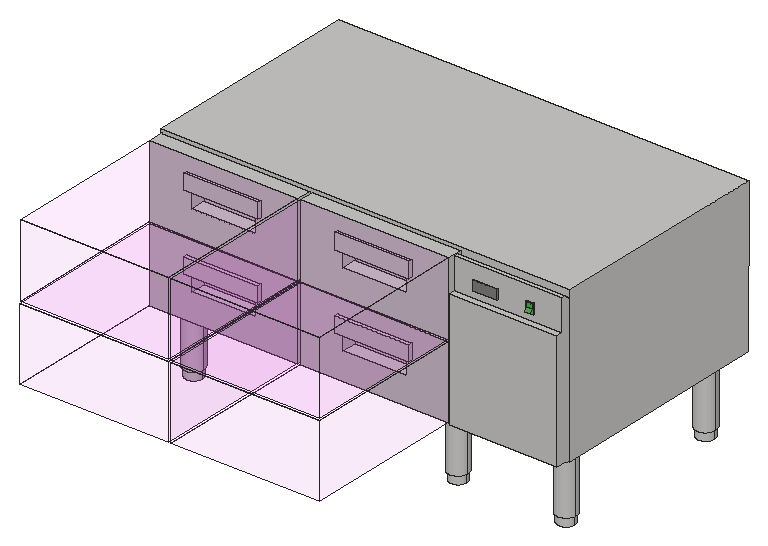
Revit family "QF_ELECTROLUXPROFESSIONAL_371375_E7TTBPCOMIN", category Specialty Equipment, Revit 2018
Family settings
  Round Connector Dimension = Use Diameter
  Part Type = Normal
  Work Plane-Based = No
  Always vertical = Yes
  Cut with Voids When Loaded = No
  Shared = No
  Room Calculation Point = No
Parameters (values of type "Standard")
  Weight = 95.00 kg
  Watts = 0 W
  Volts = 220 V
  URL Manufacturer = "http://professional.electrolux.com"
  URL = "http://professional.electrolux.com"
  Steam Supply Size = 0 mm
  Steam Supply Minimum Pressure = 0.0 Pa
  Steam Supply Maximum Pressure = 0.0 Pa
  Steam Pounds per Hour = 0
  Refrigeration Suction Line Size = 0 mm
  Refrigeration Liquid Line Size = 0 mm
  Refrigerant Compressor Remote = yes
  Manufacturer = "Electrolux Professional"
  Phase = 1
  Model = "E7TTBPCOMIN"
  Length Actual = 1200 mm  # constant formula
  Item Number = "371375"
  Hot Water Size = 0 mm
  Height Actual = 600 mm  # constant formula
  HP = "0.5 HP"
  Gas Size = 0 mm
  Gas KW = 0
  Gas Input Pressure = 0 W
  Direct Waste Size = 12.7 mm
  Description = "REFRIGERATED BASE WITH 4 DRAWERS 1200MM-60HZ - R290"
  Depth Actual = 700 mm  # constant formula
  Cycle = 60 Hz
  Condensate Return Size = 0 mm
  Compressed Air Volume = 0.0 L/s
  Compressed Air Size = 0 mm
  Compressed Air Pressure = 0.0 Pa
  Cold Water Size = 0 mm
  Accessory = yes
Values of the unnamed type that differ from the named types
  Volts = 0 V
  URL Manufacturer = ""
  Item Number = ""
  Cycle = 0 Hz
Reference planes
  plane 1 "Center X": y = 0
  plane 2: z = 0
  plane 3 "Centro (Sinistra/Destra)": x = 0
  plane 4: z = 200
  plane 5 "TOP": z = 650
  plane 6 "BACK": y = 350
  plane 7 "FRONT": y = -350
  plane 8 "LEFT": x = -600
  plane 9 "RIGHT": x = 600
  plane 10: y = -303
  plane 11: y = -348
  plane 12: x = -545
  plane 13: x = 545
  plane 14: x = 229
  plane 15: y = 262
  plane 16: y = -249
  plane 17: x = 286
  plane 18: x = -599
  plane 19: x = 599
  plane 20: y = 190
  plane 21: x = 558
  plane 22: z = 425
  plane 23: z = 422.5
  plane 24: z = 427.5
Forms (mm)
  Extrusion 1, solid, material "QF_Finishes_Stainless Steel"
    sketch origin (0, 0, 650) x (-1, 0, 0) y (0, -1, 0)
      loop
        line (599, -350) -> (599, 303) -> (-599, 303) -> (-599, -350) -> (599, -350)
    from -450 to 0
  Extrusion 2, solid, material "QF_Finishes_Stainless Steel"
    sketch origin (200, -342.999, 0) x (-1, 0, 0) y (0, 0, 1)
      loop
        line (795, 427.5) -> (795, 640.994) -> (360.999, 640.994) -> (360.999, 427.5) -> (795, 427.5)
      loop
        line (671.3, 506.706) -> (671.3, 585) -> (484.699, 585) -> (484.699, 506.706) -> (671.3, 506.706)
    from -5.001 to 39.999
  Extrusion 3, solid, material "QF_Door-Drawer Clearances"
    sketch origin (200, -348, 0) x (1, 0, 0) y (0, 0, 1)
      loop
        line (-795, 640.994) -> (-795, 427.5) -> (-360.999, 427.5) -> (-360.999, 640.994) -> (-795, 640.994)
    from 0 to 473.5
  Extrusion 4, solid, material "QF_Finishes_Stainless Steel"
    sketch origin (598, 66.551, 0) x (0, 1, 0) y (0, 0, 1)
      loop
        line (-369.551, 629.527) -> (-386.314, 640.994) -> (-397.65, 640.994) -> (-397.65, 549.796) -> (-414.551, 549.796) -> (-414.551, 204.796) -> (-384.714, 204.796) -> (-374.993, 200) -> (-369.551, 200) -> (-369.551, 629.527)
    from 0 to -313
  Extrusion 5, solid, material "QF_Finishes_Black"
    sketch origin (582, -331.099, 630.994) x (0, 0, -1) y (1, 0, 0)
      loop
        line (32.198, -86.899) -> (61.199, -86.899) -> (61.199, -64.9) -> (32.198, -64.9) -> (32.198, -86.899)
    from 0 to 1.6
  Extrusion 6, solid, material "QF_Finishes_Grey"
    sketch origin (588, -331.099, 630.994) x (0, 0, -1) y (1, 0, 0)
      loop
        line (32.198, -248.099) -> (61.199, -248.099) -> (61.199, -178.099) -> (32.198, -178.099) -> (32.198, -248.099)
    from 0 to 1.6
  Extrusion 7, solid, material "QF_Finishes_Green"
    sketch origin (517.1, -331.099, 598.796) x (0, 0, -1) y (0, 1, 0)
      loop
        line (2.279, -3.281) -> (14.5, -3.281) -> (25.308, -8.985)
        arc (25.308, -8.985) -> (26.537, -5.394) -> (26.605, -1.6) r 12.221
        line (26.605, -1.6) -> (2.395, -1.6)
        arc (2.395, -1.6) -> (2.308, -2.439) -> (2.279, -3.281) r 12.221
    from -20 to -2
  Extrusion 8, solid, material "QF_Door-Drawer Clearances"
    sketch origin (642.001, -342.999, 0) x (1, 0, 0) y (0, 0, 1)
      loop
        line (-795, 640.994) -> (-795, 427.5) -> (-360.999, 427.5) -> (-360.999, 640.994) -> (-795, 640.994)
    from 5.001 to 478.501
  Extrusion 9, solid, material "QF_Finishes_Stainless Steel"
    sketch origin (200, -348, 0) x (1, 0, 0) y (0, 0, 1)
      loop
        line (-686.3, 598.969) -> (-686.3, 553.969) -> (-469.699, 553.969) -> (-469.699, 598.969) -> (-686.3, 598.969)
    from 0 to 10
  Extrusion 10, solid, material "QF_Finishes_Stainless Steel"
    sketch origin (642.001, -342.999, 0) x (-1, 0, 0) y (0, 0, 1)
      loop
        line (795, 427.5) -> (795, 640.994) -> (360.999, 640.994) -> (360.999, 427.5) -> (795, 427.5)
      loop
        line (671.3, 506.706) -> (671.3, 585) -> (484.699, 585) -> (484.699, 506.706) -> (671.3, 506.706)
    from -5.001 to 39.999
  Extrusion 11, solid, material "QF_Finishes_Stainless Steel"
    sketch origin (642.001, -348, 0) x (1, 0, 0) y (0, 0, 1)
      loop
        line (-686.3, 598.969) -> (-686.3, 553.969) -> (-469.699, 553.969) -> (-469.699, 598.969) -> (-686.3, 598.969)
    from 0 to 10
  Extrusion 12, solid, material "QF_Finishes_Stainless Steel"
    sketch origin (0, 0, 0) x (1, 0, 0) y (0, 1, 0)
      loop
        circle (558, 190) r 6
    from 189.987 to 200
  Extrusion 13, solid, material "QF_Finishes_Stainless Steel"
    sketch origin (200, -342.999, -218.494) x (-1, 0, 0) y (0, 0, 1)
      loop
        line (795, 427.5) -> (795, 640.994) -> (360.999, 640.994) -> (360.999, 427.5) -> (795, 427.5)
      loop
        line (671.3, 506.706) -> (671.3, 585) -> (484.699, 585) -> (484.699, 506.706) -> (671.3, 506.706)
    from -5.001 to 39.999
  Extrusion 14, solid, material "QF_Door-Drawer Clearances"
    sketch origin (200, -348, -218.494) x (1, 0, 0) y (0, 0, 1)
      loop
        line (-795, 640.994) -> (-795, 427.5) -> (-360.999, 427.5) -> (-360.999, 640.994) -> (-795, 640.994)
    from 0 to 473.5
  Extrusion 15, solid, material "QF_Finishes_Stainless Steel"
    sketch origin (200, -348, -218.494) x (1, 0, 0) y (0, 0, 1)
      loop
        line (-686.3, 598.969) -> (-686.3, 553.969) -> (-469.699, 553.969) -> (-469.699, 598.969) -> (-686.3, 598.969)
    from 0 to 10
  Extrusion 16, solid, material "QF_Door-Drawer Clearances"
    sketch origin (642.001, -342.999, -218.494) x (1, 0, 0) y (0, 0, 1)
      loop
        line (-795, 640.994) -> (-795, 427.5) -> (-360.999, 427.5) -> (-360.999, 640.994) -> (-795, 640.994)
    from 5.001 to 478.501
  Extrusion 17, solid, material "QF_Finishes_Stainless Steel"
    sketch origin (642.001, -342.999, -218.494) x (-1, 0, 0) y (0, 0, 1)
      loop
        line (795, 427.5) -> (795, 640.994) -> (360.999, 640.994) -> (360.999, 427.5) -> (795, 427.5)
      loop
        line (671.3, 506.706) -> (671.3, 585) -> (484.699, 585) -> (484.699, 506.706) -> (671.3, 506.706)
    from -5.001 to 39.999
  Extrusion 18, solid, material "QF_Finishes_Stainless Steel"
    sketch origin (642.001, -348, -218.494) x (1, 0, 0) y (0, 0, 1)
      loop
        line (-686.3, 598.969) -> (-686.3, 553.969) -> (-469.699, 553.969) -> (-469.699, 598.969) -> (-686.3, 598.969)
    from 0 to 10
Lines and regions (mm)
  Split face 1
    outline origin (588, -332.699, 630.994) x (0, 0, -1) y (1, 0, 0)
      loop
        line (37.198, -238.099) -> (52.198, -238.099) -> (52.198, -188.099) -> (37.198, -188.099) -> (37.198, -238.099)
  Split face 2
    outline origin (588, -332.699, 630.994) x (0, 0, -1) y (1, 0, 0)
      loop
        circle (44.698, -185.099) r 1.2
  Split face 3
    outline origin (588, -332.699, 630.994) x (0, 0, -1) y (1, 0, 0)
      loop
        circle (39.698, -185.099) r 1.2
  Split face 4
    outline origin (588, -332.699, 630.994) x (0, 0, -1) y (1, 0, 0)
      loop
        circle (49.698, -185.099) r 1.2
  Split face 5
    outline origin (588, -332.699, 630.994) x (0, 0, -1) y (1, 0, 0)
      loop
        circle (39.698, -241.099) r 1.2
  Split face 6
    outline origin (588, -332.699, 630.994) x (0, 0, -1) y (1, 0, 0)
      loop
        circle (44.698, -241.099) r 1.2
  Split face 7
    outline origin (588, -332.699, 630.994) x (0, 0, -1) y (1, 0, 0)
      loop
        circle (49.698, -241.099) r 1.2
  Split face 8
    outline origin (588, -332.699, 630.994) x (0, 0, -1) y (1, 0, 0)
      loop
        line (59.151, -238.099) -> (59.151, -227.099) -> (54.151, -227.099) -> (54.151, -238.099) -> (59.151, -238.099)
  Split face 9
    outline origin (588, -332.699, 630.994) x (0, 0, -1) y (1, 0, 0)
      loop
        line (54.151, -225.099) -> (59.151, -225.099) -> (59.151, -214.099) -> (54.151, -214.099) -> (54.151, -225.099)
  Split face 10
    outline origin (601, -332.699, 630.994) x (0, 0, -1) y (1, 0, 0)
      loop
        line (54.151, -225.099) -> (59.151, -225.099) -> (59.151, -214.099) -> (54.151, -214.099) -> (54.151, -225.099)
  Split face 11
    outline origin (614, -332.699, 630.994) x (0, 0, -1) y (1, 0, 0)
      loop
        line (54.151, -225.099) -> (59.151, -225.099) -> (59.151, -214.099) -> (54.151, -214.099) -> (54.151, -225.099)
  Split face 12
    outline origin (600.5, -348, 412.291) x (0, 0, -1) y (1, 0, 0)
      loop
        arc (-85.025, -282.599) -> (-81.004, -278.61) -> (-85.004, -274.599) r 4
        line (-85.004, -274.599) -> (-117.004, -274.599)
        arc (-117.004, -274.599) -> (-121.004, -278.61) -> (-116.984, -282.599) r 4
        line (-116.984, -282.599) -> (-85.025, -282.599)
  Split face 13
    outline origin (612.5, -348, 412.291) x (0, 0, -1) y (1, 0, 0)
      loop
        arc (-85.025, -282.599) -> (-81.004, -278.61) -> (-85.004, -274.599) r 4
        line (-85.004, -274.599) -> (-117.004, -274.599)
        arc (-117.004, -274.599) -> (-121.004, -278.61) -> (-116.984, -282.599) r 4
        line (-116.984, -282.599) -> (-85.025, -282.599)
  Split face 14
    outline origin (624.5, -348, 412.291) x (0, 0, -1) y (1, 0, 0)
      loop
        arc (-85.025, -282.599) -> (-81.004, -278.61) -> (-85.004, -274.599) r 4
        line (-85.004, -274.599) -> (-117.004, -274.599)
        arc (-117.004, -274.599) -> (-121.004, -278.61) -> (-116.984, -282.599) r 4
        line (-116.984, -282.599) -> (-85.025, -282.599)
  Split face 15
    outline origin (636.397, -348, 412.291) x (0, 0, -1) y (1, 0, 0)
      loop
        arc (-85.025, -282.599) -> (-81.004, -278.61) -> (-85.004, -274.599) r 4
        line (-85.004, -274.599) -> (-117.004, -274.599)
        arc (-117.004, -274.599) -> (-121.004, -278.61) -> (-116.984, -282.599) r 4
        line (-116.984, -282.599) -> (-85.025, -282.599)
  Split face 16
    outline origin (648.396, -348, 412.291) x (0, 0, -1) y (1, 0, 0)
      loop
        arc (-85.025, -282.599) -> (-81.004, -278.61) -> (-85.004, -274.599) r 4
        line (-85.004, -274.599) -> (-117.004, -274.599)
        arc (-117.004, -274.599) -> (-121.004, -278.61) -> (-116.984, -282.599) r 4
        line (-116.984, -282.599) -> (-85.025, -282.599)
  Split face 17
    outline origin (660.396, -348, 412.291) x (0, 0, -1) y (1, 0, 0)
      loop
        arc (-85.025, -282.599) -> (-81.004, -278.61) -> (-85.004, -274.599) r 4
        line (-85.004, -274.599) -> (-117.004, -274.599)
        arc (-117.004, -274.599) -> (-121.004, -278.61) -> (-116.984, -282.599) r 4
        line (-116.984, -282.599) -> (-85.025, -282.599)
  Split face 18
    outline origin (672.396, -348, 412.291) x (0, 0, -1) y (1, 0, 0)
      loop
        arc (-85.025, -282.599) -> (-81.004, -278.61) -> (-85.004, -274.599) r 4
        line (-85.004, -274.599) -> (-117.004, -274.599)
        arc (-117.004, -274.599) -> (-121.004, -278.61) -> (-116.984, -282.599) r 4
        line (-116.984, -282.599) -> (-85.025, -282.599)
  Split face 19
    outline origin (684.397, -348, 412.291) x (0, 0, -1) y (1, 0, 0)
      loop
        arc (-85.025, -282.599) -> (-81.004, -278.61) -> (-85.004, -274.599) r 4
        line (-85.004, -274.599) -> (-117.004, -274.599)
        arc (-117.004, -274.599) -> (-121.004, -278.61) -> (-116.984, -282.599) r 4
        line (-116.984, -282.599) -> (-85.025, -282.599)
  Split face 20
    outline origin (696.396, -348, 412.291) x (0, 0, -1) y (1, 0, 0)
      loop
        arc (-85.025, -282.599) -> (-81.004, -278.61) -> (-85.004, -274.599) r 4
        line (-85.004, -274.599) -> (-117.004, -274.599)
        arc (-117.004, -274.599) -> (-121.004, -278.61) -> (-116.984, -282.599) r 4
        line (-116.984, -282.599) -> (-85.025, -282.599)
  Split face 21
    outline origin (703.396, -348, 412.291) x (0, 0, -1) y (1, 0, 0)
      loop
        arc (-85.025, -242.399) -> (-81.004, -238.41) -> (-85.004, -234.4) r 4
        line (-85.004, -234.4) -> (-117.004, -234.4)
        arc (-117.004, -234.4) -> (-121.004, -238.41) -> (-116.984, -242.399) r 4
        line (-116.984, -242.399) -> (-85.025, -242.399)
  Split face 22
    outline origin (715.396, -348, 412.291) x (0, 0, -1) y (1, 0, 0)
      loop
        arc (-85.025, -242.399) -> (-81.004, -238.41) -> (-85.004, -234.4) r 4
        line (-85.004, -234.4) -> (-117.004, -234.4)
        arc (-117.004, -234.4) -> (-121.004, -238.41) -> (-116.984, -242.399) r 4
        line (-116.984, -242.399) -> (-85.025, -242.399)
  Split face 23
    outline origin (727.396, -348, 412.291) x (0, 0, -1) y (1, 0, 0)
      loop
        arc (-85.025, -242.399) -> (-81.004, -238.41) -> (-85.004, -234.4) r 4
        line (-85.004, -234.4) -> (-117.004, -234.4)
        arc (-117.004, -234.4) -> (-121.004, -238.41) -> (-116.984, -242.399) r 4
        line (-116.984, -242.399) -> (-85.025, -242.399)
  Split face 24
    outline origin (739.396, -348, 412.291) x (0, 0, -1) y (1, 0, 0)
      loop
        arc (-85.025, -242.399) -> (-81.004, -238.41) -> (-85.004, -234.4) r 4
        line (-85.004, -234.4) -> (-117.004, -234.4)
        arc (-117.004, -234.4) -> (-121.004, -238.41) -> (-116.984, -242.399) r 4
        line (-116.984, -242.399) -> (-85.025, -242.399)
  Split face 25
    outline origin (751.396, -348, 412.291) x (0, 0, -1) y (1, 0, 0)
      loop
        arc (-85.025, -242.399) -> (-81.004, -238.41) -> (-85.004, -234.4) r 4
        line (-85.004, -234.4) -> (-117.004, -234.4)
        arc (-117.004, -234.4) -> (-121.004, -238.41) -> (-116.984, -242.399) r 4
        line (-116.984, -242.399) -> (-85.025, -242.399)
  Split face 26
    outline origin (763.396, -348, 412.291) x (0, 0, -1) y (1, 0, 0)
      loop
        arc (-85.025, -242.399) -> (-81.004, -238.41) -> (-85.004, -234.4) r 4
        line (-85.004, -234.4) -> (-117.004, -234.4)
        arc (-117.004, -234.4) -> (-121.004, -238.41) -> (-116.984, -242.399) r 4
        line (-116.984, -242.399) -> (-85.025, -242.399)
  Split face 27
    outline origin (775.396, -348, 412.291) x (0, 0, -1) y (1, 0, 0)
      loop
        arc (-85.025, -242.399) -> (-81.004, -238.41) -> (-85.004, -234.4) r 4
        line (-85.004, -234.4) -> (-117.004, -234.4)
        arc (-117.004, -234.4) -> (-121.004, -238.41) -> (-116.984, -242.399) r 4
        line (-116.984, -242.399) -> (-85.025, -242.399)
  Split face 28
    outline origin (787.396, -348, 412.291) x (0, 0, -1) y (1, 0, 0)
      loop
        arc (-85.025, -242.399) -> (-81.004, -238.41) -> (-85.004, -234.4) r 4
        line (-85.004, -234.4) -> (-117.004, -234.4)
        arc (-117.004, -234.4) -> (-121.004, -238.41) -> (-116.984, -242.399) r 4
        line (-116.984, -242.399) -> (-85.025, -242.399)
  Split face 29
    outline origin (799.396, -348, 412.291) x (0, 0, -1) y (1, 0, 0)
      loop
        arc (-85.025, -242.399) -> (-81.004, -238.41) -> (-85.004, -234.4) r 4
        line (-85.004, -234.4) -> (-117.004, -234.4)
        arc (-117.004, -234.4) -> (-121.004, -238.41) -> (-116.984, -242.399) r 4
        line (-116.984, -242.399) -> (-85.025, -242.399)
  Split face 30
    outline origin (811.396, -348, 412.291) x (0, 0, -1) y (1, 0, 0)
      loop
        arc (-85.025, -242.399) -> (-81.004, -238.41) -> (-85.004, -234.4) r 4
        line (-85.004, -234.4) -> (-117.004, -234.4)
        arc (-117.004, -234.4) -> (-121.004, -238.41) -> (-116.984, -242.399) r 4
        line (-116.984, -242.399) -> (-85.025, -242.399)
  Split face 31
    outline origin (588.5, -348, 412.291) x (0, 0, -1) y (1, 0, 0)
      loop
        arc (-85.025, -282.599) -> (-81.004, -278.61) -> (-85.004, -274.599) r 4
        line (-85.004, -274.599) -> (-117.004, -274.599)
        arc (-117.004, -274.599) -> (-121.004, -278.61) -> (-116.984, -282.599) r 4
        line (-116.984, -282.599) -> (-85.025, -282.599)
  Split face 32
    outline origin (600.5, -348, 367.29) x (0, 0, -1) y (1, 0, 0)
      loop
        arc (-85.025, -282.599) -> (-81.004, -278.61) -> (-85.004, -274.599) r 4
        line (-85.004, -274.599) -> (-117.004, -274.599)
        arc (-117.004, -274.599) -> (-121.004, -278.61) -> (-116.984, -282.599) r 4
        line (-116.984, -282.599) -> (-85.025, -282.599)
  Split face 33
    outline origin (612.5, -348, 367.29) x (0, 0, -1) y (1, 0, 0)
      loop
        arc (-85.025, -282.599) -> (-81.004, -278.61) -> (-85.004, -274.599) r 4
        line (-85.004, -274.599) -> (-117.004, -274.599)
        arc (-117.004, -274.599) -> (-121.004, -278.61) -> (-116.984, -282.599) r 4
        line (-116.984, -282.599) -> (-85.025, -282.599)
  Split face 34
    outline origin (624.5, -348, 367.29) x (0, 0, -1) y (1, 0, 0)
      loop
        arc (-85.025, -282.599) -> (-81.004, -278.61) -> (-85.004, -274.599) r 4
        line (-85.004, -274.599) -> (-117.004, -274.599)
        arc (-117.004, -274.599) -> (-121.004, -278.61) -> (-116.984, -282.599) r 4
        line (-116.984, -282.599) -> (-85.025, -282.599)
  Split face 35
    outline origin (636.397, -348, 367.29) x (0, 0, -1) y (1, 0, 0)
      loop
        arc (-85.025, -282.599) -> (-81.004, -278.61) -> (-85.004, -274.599) r 4
        line (-85.004, -274.599) -> (-117.004, -274.599)
        arc (-117.004, -274.599) -> (-121.004, -278.61) -> (-116.984, -282.599) r 4
        line (-116.984, -282.599) -> (-85.025, -282.599)
  Split face 36
    outline origin (648.396, -348, 367.29) x (0, 0, -1) y (1, 0, 0)
      loop
        arc (-85.025, -282.599) -> (-81.004, -278.61) -> (-85.004, -274.599) r 4
        line (-85.004, -274.599) -> (-117.004, -274.599)
        arc (-117.004, -274.599) -> (-121.004, -278.61) -> (-116.984, -282.599) r 4
        line (-116.984, -282.599) -> (-85.025, -282.599)
  Split face 37
    outline origin (660.396, -348, 367.29) x (0, 0, -1) y (1, 0, 0)
      loop
        arc (-85.025, -282.599) -> (-81.004, -278.61) -> (-85.004, -274.599) r 4
        line (-85.004, -274.599) -> (-117.004, -274.599)
        arc (-117.004, -274.599) -> (-121.004, -278.61) -> (-116.984, -282.599) r 4
        line (-116.984, -282.599) -> (-85.025, -282.599)
  Split face 38
    outline origin (672.396, -348, 367.29) x (0, 0, -1) y (1, 0, 0)
      loop
        arc (-85.025, -282.599) -> (-81.004, -278.61) -> (-85.004, -274.599) r 4
        line (-85.004, -274.599) -> (-117.004, -274.599)
        arc (-117.004, -274.599) -> (-121.004, -278.61) -> (-116.984, -282.599) r 4
        line (-116.984, -282.599) -> (-85.025, -282.599)
  Split face 39
    outline origin (684.397, -348, 367.29) x (0, 0, -1) y (1, 0, 0)
      loop
        arc (-85.025, -282.599) -> (-81.004, -278.61) -> (-85.004, -274.599) r 4
        line (-85.004, -274.599) -> (-117.004, -274.599)
        arc (-117.004, -274.599) -> (-121.004, -278.61) -> (-116.984, -282.599) r 4
        line (-116.984, -282.599) -> (-85.025, -282.599)
  Split face 40
    outline origin (696.396, -348, 367.29) x (0, 0, -1) y (1, 0, 0)
      loop
        arc (-85.025, -282.599) -> (-81.004, -278.61) -> (-85.004, -274.599) r 4
        line (-85.004, -274.599) -> (-117.004, -274.599)
        arc (-117.004, -274.599) -> (-121.004, -278.61) -> (-116.984, -282.599) r 4
        line (-116.984, -282.599) -> (-85.025, -282.599)
  Split face 41
    outline origin (703.396, -348, 367.29) x (0, 0, -1) y (1, 0, 0)
      loop
        arc (-85.025, -242.399) -> (-81.004, -238.41) -> (-85.004, -234.4) r 4
        line (-85.004, -234.4) -> (-117.004, -234.4)
        arc (-117.004, -234.4) -> (-121.004, -238.41) -> (-116.984, -242.399) r 4
        line (-116.984, -242.399) -> (-85.025, -242.399)
  Split face 42
    outline origin (715.396, -348, 367.29) x (0, 0, -1) y (1, 0, 0)
      loop
        arc (-85.025, -242.399) -> (-81.004, -238.41) -> (-85.004, -234.4) r 4
        line (-85.004, -234.4) -> (-117.004, -234.4)
        arc (-117.004, -234.4) -> (-121.004, -238.41) -> (-116.984, -242.399) r 4
        line (-116.984, -242.399) -> (-85.025, -242.399)
  Split face 43
    outline origin (727.396, -348, 367.29) x (0, 0, -1) y (1, 0, 0)
      loop
        arc (-85.025, -242.399) -> (-81.004, -238.41) -> (-85.004, -234.4) r 4
        line (-85.004, -234.4) -> (-117.004, -234.4)
        arc (-117.004, -234.4) -> (-121.004, -238.41) -> (-116.984, -242.399) r 4
        line (-116.984, -242.399) -> (-85.025, -242.399)
  Split face 44
    outline origin (739.396, -348, 367.29) x (0, 0, -1) y (1, 0, 0)
      loop
        arc (-85.025, -242.399) -> (-81.004, -238.41) -> (-85.004, -234.4) r 4
        line (-85.004, -234.4) -> (-117.004, -234.4)
        arc (-117.004, -234.4) -> (-121.004, -238.41) -> (-116.984, -242.399) r 4
        line (-116.984, -242.399) -> (-85.025, -242.399)
  Split face 45
    outline origin (751.396, -348, 367.29) x (0, 0, -1) y (1, 0, 0)
      loop
        arc (-85.025, -242.399) -> (-81.004, -238.41) -> (-85.004, -234.4) r 4
        line (-85.004, -234.4) -> (-117.004, -234.4)
        arc (-117.004, -234.4) -> (-121.004, -238.41) -> (-116.984, -242.399) r 4
        line (-116.984, -242.399) -> (-85.025, -242.399)
  Split face 46
    outline origin (763.396, -348, 367.29) x (0, 0, -1) y (1, 0, 0)
      loop
        arc (-85.025, -242.399) -> (-81.004, -238.41) -> (-85.004, -234.4) r 4
        line (-85.004, -234.4) -> (-117.004, -234.4)
        arc (-117.004, -234.4) -> (-121.004, -238.41) -> (-116.984, -242.399) r 4
        line (-116.984, -242.399) -> (-85.025, -242.399)
  Split face 47
    outline origin (775.396, -348, 367.29) x (0, 0, -1) y (1, 0, 0)
      loop
        arc (-85.025, -242.399) -> (-81.004, -238.41) -> (-85.004, -234.4) r 4
        line (-85.004, -234.4) -> (-117.004, -234.4)
        arc (-117.004, -234.4) -> (-121.004, -238.41) -> (-116.984, -242.399) r 4
        line (-116.984, -242.399) -> (-85.025, -242.399)
  Split face 48
    outline origin (787.396, -348, 367.29) x (0, 0, -1) y (1, 0, 0)
      loop
        arc (-85.025, -242.399) -> (-81.004, -238.41) -> (-85.004, -234.4) r 4
        line (-85.004, -234.4) -> (-117.004, -234.4)
        arc (-117.004, -234.4) -> (-121.004, -238.41) -> (-116.984, -242.399) r 4
        line (-116.984, -242.399) -> (-85.025, -242.399)
  Split face 49
    outline origin (799.396, -348, 367.29) x (0, 0, -1) y (1, 0, 0)
      loop
        arc (-85.025, -242.399) -> (-81.004, -238.41) -> (-85.004, -234.4) r 4
        line (-85.004, -234.4) -> (-117.004, -234.4)
        arc (-117.004, -234.4) -> (-121.004, -238.41) -> (-116.984, -242.399) r 4
        line (-116.984, -242.399) -> (-85.025, -242.399)
  Split face 50
    outline origin (811.396, -348, 367.29) x (0, 0, -1) y (1, 0, 0)
      loop
        arc (-85.025, -242.399) -> (-81.004, -238.41) -> (-85.004, -234.4) r 4
        line (-85.004, -234.4) -> (-117.004, -234.4)
        arc (-117.004, -234.4) -> (-121.004, -238.41) -> (-116.984, -242.399) r 4
        line (-116.984, -242.399) -> (-85.025, -242.399)
  Split face 51
    outline origin (588.5, -348, 367.29) x (0, 0, -1) y (1, 0, 0)
      loop
        arc (-85.025, -282.599) -> (-81.004, -278.61) -> (-85.004, -274.599) r 4
        line (-85.004, -274.599) -> (-117.004, -274.599)
        arc (-117.004, -274.599) -> (-121.004, -278.61) -> (-116.984, -282.599) r 4
        line (-116.984, -282.599) -> (-85.025, -282.599)
  Split face 52
    outline origin (600.5, -348, 322.29) x (0, 0, -1) y (1, 0, 0)
      loop
        arc (-85.025, -282.599) -> (-81.004, -278.61) -> (-85.004, -274.599) r 4
        line (-85.004, -274.599) -> (-117.004, -274.599)
        arc (-117.004, -274.599) -> (-121.004, -278.61) -> (-116.984, -282.599) r 4
        line (-116.984, -282.599) -> (-85.025, -282.599)
  Split face 53
    outline origin (612.5, -348, 322.29) x (0, 0, -1) y (1, 0, 0)
      loop
        arc (-85.025, -282.599) -> (-81.004, -278.61) -> (-85.004, -274.599) r 4
        line (-85.004, -274.599) -> (-117.004, -274.599)
        arc (-117.004, -274.599) -> (-121.004, -278.61) -> (-116.984, -282.599) r 4
        line (-116.984, -282.599) -> (-85.025, -282.599)
  Split face 54
    outline origin (624.5, -348, 322.29) x (0, 0, -1) y (1, 0, 0)
      loop
        arc (-85.025, -282.599) -> (-81.004, -278.61) -> (-85.004, -274.599) r 4
        line (-85.004, -274.599) -> (-117.004, -274.599)
        arc (-117.004, -274.599) -> (-121.004, -278.61) -> (-116.984, -282.599) r 4
        line (-116.984, -282.599) -> (-85.025, -282.599)
  Split face 55
    outline origin (636.397, -348, 322.29) x (0, 0, -1) y (1, 0, 0)
      loop
        arc (-85.025, -282.599) -> (-81.004, -278.61) -> (-85.004, -274.599) r 4
        line (-85.004, -274.599) -> (-117.004, -274.599)
        arc (-117.004, -274.599) -> (-121.004, -278.61) -> (-116.984, -282.599) r 4
        line (-116.984, -282.599) -> (-85.025, -282.599)
  Split face 56
    outline origin (648.396, -348, 322.29) x (0, 0, -1) y (1, 0, 0)
      loop
        arc (-85.025, -282.599) -> (-81.004, -278.61) -> (-85.004, -274.599) r 4
        line (-85.004, -274.599) -> (-117.004, -274.599)
        arc (-117.004, -274.599) -> (-121.004, -278.61) -> (-116.984, -282.599) r 4
        line (-116.984, -282.599) -> (-85.025, -282.599)
  Split face 57
    outline origin (660.396, -348, 322.29) x (0, 0, -1) y (1, 0, 0)
      loop
        arc (-85.025, -282.599) -> (-81.004, -278.61) -> (-85.004, -274.599) r 4
        line (-85.004, -274.599) -> (-117.004, -274.599)
        arc (-117.004, -274.599) -> (-121.004, -278.61) -> (-116.984, -282.599) r 4
        line (-116.984, -282.599) -> (-85.025, -282.599)
  Split face 58
    outline origin (672.396, -348, 322.29) x (0, 0, -1) y (1, 0, 0)
      loop
        arc (-85.025, -282.599) -> (-81.004, -278.61) -> (-85.004, -274.599) r 4
        line (-85.004, -274.599) -> (-117.004, -274.599)
        arc (-117.004, -274.599) -> (-121.004, -278.61) -> (-116.984, -282.599) r 4
        line (-116.984, -282.599) -> (-85.025, -282.599)
  Split face 59
    outline origin (684.397, -348, 322.29) x (0, 0, -1) y (1, 0, 0)
      loop
        arc (-85.025, -282.599) -> (-81.004, -278.61) -> (-85.004, -274.599) r 4
        line (-85.004, -274.599) -> (-117.004, -274.599)
        arc (-117.004, -274.599) -> (-121.004, -278.61) -> (-116.984, -282.599) r 4
        line (-116.984, -282.599) -> (-85.025, -282.599)
  Split face 60
    outline origin (696.396, -348, 322.29) x (0, 0, -1) y (1, 0, 0)
      loop
        arc (-85.025, -282.599) -> (-81.004, -278.61) -> (-85.004, -274.599) r 4
        line (-85.004, -274.599) -> (-117.004, -274.599)
        arc (-117.004, -274.599) -> (-121.004, -278.61) -> (-116.984, -282.599) r 4
        line (-116.984, -282.599) -> (-85.025, -282.599)
  Split face 61
    outline origin (703.396, -348, 322.29) x (0, 0, -1) y (1, 0, 0)
      loop
        arc (-85.025, -242.399) -> (-81.004, -238.41) -> (-85.004, -234.4) r 4
        line (-85.004, -234.4) -> (-117.004, -234.4)
        arc (-117.004, -234.4) -> (-121.004, -238.41) -> (-116.984, -242.399) r 4
        line (-116.984, -242.399) -> (-85.025, -242.399)
  Split face 62
    outline origin (715.396, -348, 322.29) x (0, 0, -1) y (1, 0, 0)
      loop
        arc (-85.025, -242.399) -> (-81.004, -238.41) -> (-85.004, -234.4) r 4
        line (-85.004, -234.4) -> (-117.004, -234.4)
        arc (-117.004, -234.4) -> (-121.004, -238.41) -> (-116.984, -242.399) r 4
        line (-116.984, -242.399) -> (-85.025, -242.399)
  Split face 63
    outline origin (727.396, -348, 322.29) x (0, 0, -1) y (1, 0, 0)
      loop
        arc (-85.025, -242.399) -> (-81.004, -238.41) -> (-85.004, -234.4) r 4
        line (-85.004, -234.4) -> (-117.004, -234.4)
        arc (-117.004, -234.4) -> (-121.004, -238.41) -> (-116.984, -242.399) r 4
        line (-116.984, -242.399) -> (-85.025, -242.399)
  Split face 64
    outline origin (739.396, -348, 322.29) x (0, 0, -1) y (1, 0, 0)
      loop
        arc (-85.025, -242.399) -> (-81.004, -238.41) -> (-85.004, -234.4) r 4
        line (-85.004, -234.4) -> (-117.004, -234.4)
        arc (-117.004, -234.4) -> (-121.004, -238.41) -> (-116.984, -242.399) r 4
        line (-116.984, -242.399) -> (-85.025, -242.399)
  Split face 65
    outline origin (751.396, -348, 322.29) x (0, 0, -1) y (1, 0, 0)
      loop
        arc (-85.025, -242.399) -> (-81.004, -238.41) -> (-85.004, -234.4) r 4
        line (-85.004, -234.4) -> (-117.004, -234.4)
        arc (-117.004, -234.4) -> (-121.004, -238.41) -> (-116.984, -242.399) r 4
        line (-116.984, -242.399) -> (-85.025, -242.399)
  Split face 66
    outline origin (763.396, -348, 322.29) x (0, 0, -1) y (1, 0, 0)
      loop
        arc (-85.025, -242.399) -> (-81.004, -238.41) -> (-85.004, -234.4) r 4
        line (-85.004, -234.4) -> (-117.004, -234.4)
        arc (-117.004, -234.4) -> (-121.004, -238.41) -> (-116.984, -242.399) r 4
        line (-116.984, -242.399) -> (-85.025, -242.399)
  Split face 67
    outline origin (775.396, -348, 322.29) x (0, 0, -1) y (1, 0, 0)
      loop
        arc (-85.025, -242.399) -> (-81.004, -238.41) -> (-85.004, -234.4) r 4
        line (-85.004, -234.4) -> (-117.004, -234.4)
        arc (-117.004, -234.4) -> (-121.004, -238.41) -> (-116.984, -242.399) r 4
        line (-116.984, -242.399) -> (-85.025, -242.399)
  Split face 68
    outline origin (787.396, -348, 322.29) x (0, 0, -1) y (1, 0, 0)
      loop
        arc (-85.025, -242.399) -> (-81.004, -238.41) -> (-85.004, -234.4) r 4
        line (-85.004, -234.4) -> (-117.004, -234.4)
        arc (-117.004, -234.4) -> (-121.004, -238.41) -> (-116.984, -242.399) r 4
        line (-116.984, -242.399) -> (-85.025, -242.399)
  Split face 69
    outline origin (799.396, -348, 322.29) x (0, 0, -1) y (1, 0, 0)
      loop
        arc (-85.025, -242.399) -> (-81.004, -238.41) -> (-85.004, -234.4) r 4
        line (-85.004, -234.4) -> (-117.004, -234.4)
        arc (-117.004, -234.4) -> (-121.004, -238.41) -> (-116.984, -242.399) r 4
        line (-116.984, -242.399) -> (-85.025, -242.399)
  Split face 70
    outline origin (811.396, -348, 322.29) x (0, 0, -1) y (1, 0, 0)
      loop
        arc (-85.025, -242.399) -> (-81.004, -238.41) -> (-85.004, -234.4) r 4
        line (-85.004, -234.4) -> (-117.004, -234.4)
        arc (-117.004, -234.4) -> (-121.004, -238.41) -> (-116.984, -242.399) r 4
        line (-116.984, -242.399) -> (-85.025, -242.399)
  Split face 71
    outline origin (588.5, -348, 322.29) x (0, 0, -1) y (1, 0, 0)
      loop
        arc (-85.025, -282.599) -> (-81.004, -278.61) -> (-85.004, -274.599) r 4
        line (-85.004, -274.599) -> (-117.004, -274.599)
        arc (-117.004, -274.599) -> (-121.004, -278.61) -> (-116.984, -282.599) r 4
        line (-116.984, -282.599) -> (-85.025, -282.599)
  Split face 72
    outline origin (600.5, -348, 277.29) x (0, 0, -1) y (1, 0, 0)
      loop
        arc (-85.025, -282.599) -> (-81.004, -278.61) -> (-85.004, -274.599) r 4
        line (-85.004, -274.599) -> (-117.004, -274.599)
        arc (-117.004, -274.599) -> (-121.004, -278.61) -> (-116.984, -282.599) r 4
        line (-116.984, -282.599) -> (-85.025, -282.599)
  Split face 73
    outline origin (612.5, -348, 277.29) x (0, 0, -1) y (1, 0, 0)
      loop
        arc (-85.025, -282.599) -> (-81.004, -278.61) -> (-85.004, -274.599) r 4
        line (-85.004, -274.599) -> (-117.004, -274.599)
        arc (-117.004, -274.599) -> (-121.004, -278.61) -> (-116.984, -282.599) r 4
        line (-116.984, -282.599) -> (-85.025, -282.599)
  Split face 74
    outline origin (624.5, -348, 277.29) x (0, 0, -1) y (1, 0, 0)
      loop
        arc (-85.025, -282.599) -> (-81.004, -278.61) -> (-85.004, -274.599) r 4
        line (-85.004, -274.599) -> (-117.004, -274.599)
        arc (-117.004, -274.599) -> (-121.004, -278.61) -> (-116.984, -282.599) r 4
        line (-116.984, -282.599) -> (-85.025, -282.599)
  Split face 75
    outline origin (636.397, -348, 277.29) x (0, 0, -1) y (1, 0, 0)
      loop
        arc (-85.025, -282.599) -> (-81.004, -278.61) -> (-85.004, -274.599) r 4
        line (-85.004, -274.599) -> (-117.004, -274.599)
        arc (-117.004, -274.599) -> (-121.004, -278.61) -> (-116.984, -282.599) r 4
        line (-116.984, -282.599) -> (-85.025, -282.599)
  Split face 76
    outline origin (648.396, -348, 277.29) x (0, 0, -1) y (1, 0, 0)
      loop
        arc (-85.025, -282.599) -> (-81.004, -278.61) -> (-85.004, -274.599) r 4
        line (-85.004, -274.599) -> (-117.004, -274.599)
        arc (-117.004, -274.599) -> (-121.004, -278.61) -> (-116.984, -282.599) r 4
        line (-116.984, -282.599) -> (-85.025, -282.599)
  Split face 77
    outline origin (660.396, -348, 277.29) x (0, 0, -1) y (1, 0, 0)
      loop
        arc (-85.025, -282.599) -> (-81.004, -278.61) -> (-85.004, -274.599) r 4
        line (-85.004, -274.599) -> (-117.004, -274.599)
        arc (-117.004, -274.599) -> (-121.004, -278.61) -> (-116.984, -282.599) r 4
        line (-116.984, -282.599) -> (-85.025, -282.599)
  Split face 78
    outline origin (672.396, -348, 277.29) x (0, 0, -1) y (1, 0, 0)
      loop
        arc (-85.025, -282.599) -> (-81.004, -278.61) -> (-85.004, -274.599) r 4
        line (-85.004, -274.599) -> (-117.004, -274.599)
        arc (-117.004, -274.599) -> (-121.004, -278.61) -> (-116.984, -282.599) r 4
        line (-116.984, -282.599) -> (-85.025, -282.599)
  Split face 79
    outline origin (684.397, -348, 277.29) x (0, 0, -1) y (1, 0, 0)
      loop
        arc (-85.025, -282.599) -> (-81.004, -278.61) -> (-85.004, -274.599) r 4
        line (-85.004, -274.599) -> (-117.004, -274.599)
        arc (-117.004, -274.599) -> (-121.004, -278.61) -> (-116.984, -282.599) r 4
        line (-116.984, -282.599) -> (-85.025, -282.599)
  Split face 80
    outline origin (696.396, -348, 277.29) x (0, 0, -1) y (1, 0, 0)
      loop
        arc (-85.025, -282.599) -> (-81.004, -278.61) -> (-85.004, -274.599) r 4
        line (-85.004, -274.599) -> (-117.004, -274.599)
        arc (-117.004, -274.599) -> (-121.004, -278.61) -> (-116.984, -282.599) r 4
        line (-116.984, -282.599) -> (-85.025, -282.599)
  Split face 81
    outline origin (703.396, -348, 277.29) x (0, 0, -1) y (1, 0, 0)
      loop
        arc (-85.025, -242.399) -> (-81.004, -238.41) -> (-85.004, -234.4) r 4
        line (-85.004, -234.4) -> (-117.004, -234.4)
        arc (-117.004, -234.4) -> (-121.004, -238.41) -> (-116.984, -242.399) r 4
        line (-116.984, -242.399) -> (-85.025, -242.399)
  Split face 82
    outline origin (715.396, -348, 277.29) x (0, 0, -1) y (1, 0, 0)
      loop
        arc (-85.025, -242.399) -> (-81.004, -238.41) -> (-85.004, -234.4) r 4
        line (-85.004, -234.4) -> (-117.004, -234.4)
        arc (-117.004, -234.4) -> (-121.004, -238.41) -> (-116.984, -242.399) r 4
        line (-116.984, -242.399) -> (-85.025, -242.399)
  Split face 83
    outline origin (727.396, -348, 277.29) x (0, 0, -1) y (1, 0, 0)
      loop
        arc (-85.025, -242.399) -> (-81.004, -238.41) -> (-85.004, -234.4) r 4
        line (-85.004, -234.4) -> (-117.004, -234.4)
        arc (-117.004, -234.4) -> (-121.004, -238.41) -> (-116.984, -242.399) r 4
        line (-116.984, -242.399) -> (-85.025, -242.399)
  Split face 84
    outline origin (739.396, -348, 277.29) x (0, 0, -1) y (1, 0, 0)
      loop
        arc (-85.025, -242.399) -> (-81.004, -238.41) -> (-85.004, -234.4) r 4
        line (-85.004, -234.4) -> (-117.004, -234.4)
        arc (-117.004, -234.4) -> (-121.004, -238.41) -> (-116.984, -242.399) r 4
        line (-116.984, -242.399) -> (-85.025, -242.399)
  Split face 85
    outline origin (751.396, -348, 277.29) x (0, 0, -1) y (1, 0, 0)
      loop
        arc (-85.025, -242.399) -> (-81.004, -238.41) -> (-85.004, -234.4) r 4
        line (-85.004, -234.4) -> (-117.004, -234.4)
        arc (-117.004, -234.4) -> (-121.004, -238.41) -> (-116.984, -242.399) r 4
        line (-116.984, -242.399) -> (-85.025, -242.399)
  Split face 86
    outline origin (763.396, -348, 277.29) x (0, 0, -1) y (1, 0, 0)
      loop
        arc (-85.025, -242.399) -> (-81.004, -238.41) -> (-85.004, -234.4) r 4
        line (-85.004, -234.4) -> (-117.004, -234.4)
        arc (-117.004, -234.4) -> (-121.004, -238.41) -> (-116.984, -242.399) r 4
        line (-116.984, -242.399) -> (-85.025, -242.399)
  Split face 87
    outline origin (775.396, -348, 277.29) x (0, 0, -1) y (1, 0, 0)
      loop
        arc (-85.025, -242.399) -> (-81.004, -238.41) -> (-85.004, -234.4) r 4
        line (-85.004, -234.4) -> (-117.004, -234.4)
        arc (-117.004, -234.4) -> (-121.004, -238.41) -> (-116.984, -242.399) r 4
        line (-116.984, -242.399) -> (-85.025, -242.399)
  Split face 88
    outline origin (787.396, -348, 277.29) x (0, 0, -1) y (1, 0, 0)
      loop
        arc (-85.025, -242.399) -> (-81.004, -238.41) -> (-85.004, -234.4) r 4
        line (-85.004, -234.4) -> (-117.004, -234.4)
        arc (-117.004, -234.4) -> (-121.004, -238.41) -> (-116.984, -242.399) r 4
        line (-116.984, -242.399) -> (-85.025, -242.399)
  Split face 89
    outline origin (799.396, -348, 277.29) x (0, 0, -1) y (1, 0, 0)
      loop
        arc (-85.025, -242.399) -> (-81.004, -238.41) -> (-85.004, -234.4) r 4
        line (-85.004, -234.4) -> (-117.004, -234.4)
        arc (-117.004, -234.4) -> (-121.004, -238.41) -> (-116.984, -242.399) r 4
        line (-116.984, -242.399) -> (-85.025, -242.399)
  Split face 90
    outline origin (811.396, -348, 277.29) x (0, 0, -1) y (1, 0, 0)
      loop
        arc (-85.025, -242.399) -> (-81.004, -238.41) -> (-85.004, -234.4) r 4
        line (-85.004, -234.4) -> (-117.004, -234.4)
        arc (-117.004, -234.4) -> (-121.004, -238.41) -> (-116.984, -242.399) r 4
        line (-116.984, -242.399) -> (-85.025, -242.399)
  Split face 91
    outline origin (588.5, -348, 277.29) x (0, 0, -1) y (1, 0, 0)
      loop
        arc (-85.025, -282.599) -> (-81.004, -278.61) -> (-85.004, -274.599) r 4
        line (-85.004, -274.599) -> (-117.004, -274.599)
        arc (-117.004, -274.599) -> (-121.004, -278.61) -> (-116.984, -282.599) r 4
        line (-116.984, -282.599) -> (-85.025, -282.599)
  Split face 92
    outline origin (600.5, -348, 232.29) x (0, 0, -1) y (1, 0, 0)
      loop
        arc (-85.025, -282.599) -> (-81.004, -278.61) -> (-85.004, -274.599) r 4
        line (-85.004, -274.599) -> (-117.004, -274.599)
        arc (-117.004, -274.599) -> (-121.004, -278.61) -> (-116.984, -282.599) r 4
        line (-116.984, -282.599) -> (-85.025, -282.599)
  Split face 93
    outline origin (612.5, -348, 232.29) x (0, 0, -1) y (1, 0, 0)
      loop
        arc (-85.025, -282.599) -> (-81.004, -278.61) -> (-85.004, -274.599) r 4
        line (-85.004, -274.599) -> (-117.004, -274.599)
        arc (-117.004, -274.599) -> (-121.004, -278.61) -> (-116.984, -282.599) r 4
        line (-116.984, -282.599) -> (-85.025, -282.599)
  Split face 94
    outline origin (624.5, -348, 232.29) x (0, 0, -1) y (1, 0, 0)
      loop
        arc (-85.025, -282.599) -> (-81.004, -278.61) -> (-85.004, -274.599) r 4
        line (-85.004, -274.599) -> (-117.004, -274.599)
        arc (-117.004, -274.599) -> (-121.004, -278.61) -> (-116.984, -282.599) r 4
        line (-116.984, -282.599) -> (-85.025, -282.599)
  Split face 95
    outline origin (636.397, -348, 232.29) x (0, 0, -1) y (1, 0, 0)
      loop
        arc (-85.025, -282.599) -> (-81.004, -278.61) -> (-85.004, -274.599) r 4
        line (-85.004, -274.599) -> (-117.004, -274.599)
        arc (-117.004, -274.599) -> (-121.004, -278.61) -> (-116.984, -282.599) r 4
        line (-116.984, -282.599) -> (-85.025, -282.599)
  Split face 96
    outline origin (648.396, -348, 232.29) x (0, 0, -1) y (1, 0, 0)
      loop
        arc (-85.025, -282.599) -> (-81.004, -278.61) -> (-85.004, -274.599) r 4
        line (-85.004, -274.599) -> (-117.004, -274.599)
        arc (-117.004, -274.599) -> (-121.004, -278.61) -> (-116.984, -282.599) r 4
        line (-116.984, -282.599) -> (-85.025, -282.599)
  Split face 97
    outline origin (660.396, -348, 232.29) x (0, 0, -1) y (1, 0, 0)
      loop
        arc (-85.025, -282.599) -> (-81.004, -278.61) -> (-85.004, -274.599) r 4
        line (-85.004, -274.599) -> (-117.004, -274.599)
        arc (-117.004, -274.599) -> (-121.004, -278.61) -> (-116.984, -282.599) r 4
        line (-116.984, -282.599) -> (-85.025, -282.599)
  Split face 98
    outline origin (672.396, -348, 232.29) x (0, 0, -1) y (1, 0, 0)
      loop
        arc (-85.025, -282.599) -> (-81.004, -278.61) -> (-85.004, -274.599) r 4
        line (-85.004, -274.599) -> (-117.004, -274.599)
        arc (-117.004, -274.599) -> (-121.004, -278.61) -> (-116.984, -282.599) r 4
        line (-116.984, -282.599) -> (-85.025, -282.599)
  Split face 99
    outline origin (684.397, -348, 232.29) x (0, 0, -1) y (1, 0, 0)
      loop
        arc (-85.025, -282.599) -> (-81.004, -278.61) -> (-85.004, -274.599) r 4
        line (-85.004, -274.599) -> (-117.004, -274.599)
        arc (-117.004, -274.599) -> (-121.004, -278.61) -> (-116.984, -282.599) r 4
        line (-116.984, -282.599) -> (-85.025, -282.599)
  Split face 100
    outline origin (696.396, -348, 232.29) x (0, 0, -1) y (1, 0, 0)
      loop
        arc (-85.025, -282.599) -> (-81.004, -278.61) -> (-85.004, -274.599) r 4
        line (-85.004, -274.599) -> (-117.004, -274.599)
        arc (-117.004, -274.599) -> (-121.004, -278.61) -> (-116.984, -282.599) r 4
        line (-116.984, -282.599) -> (-85.025, -282.599)
  Split face 101
    outline origin (703.396, -348, 232.29) x (0, 0, -1) y (1, 0, 0)
      loop
        arc (-85.025, -242.399) -> (-81.004, -238.41) -> (-85.004, -234.4) r 4
        line (-85.004, -234.4) -> (-117.004, -234.4)
        arc (-117.004, -234.4) -> (-121.004, -238.41) -> (-116.984, -242.399) r 4
        line (-116.984, -242.399) -> (-85.025, -242.399)
  Split face 102
    outline origin (715.396, -348, 232.29) x (0, 0, -1) y (1, 0, 0)
      loop
        arc (-85.025, -242.399) -> (-81.004, -238.41) -> (-85.004, -234.4) r 4
        line (-85.004, -234.4) -> (-117.004, -234.4)
        arc (-117.004, -234.4) -> (-121.004, -238.41) -> (-116.984, -242.399) r 4
        line (-116.984, -242.399) -> (-85.025, -242.399)
  Split face 103
    outline origin (727.396, -348, 232.29) x (0, 0, -1) y (1, 0, 0)
      loop
        arc (-85.025, -242.399) -> (-81.004, -238.41) -> (-85.004, -234.4) r 4
        line (-85.004, -234.4) -> (-117.004, -234.4)
        arc (-117.004, -234.4) -> (-121.004, -238.41) -> (-116.984, -242.399) r 4
        line (-116.984, -242.399) -> (-85.025, -242.399)
  Split face 104
    outline origin (739.396, -348, 232.29) x (0, 0, -1) y (1, 0, 0)
      loop
        arc (-85.025, -242.399) -> (-81.004, -238.41) -> (-85.004, -234.4) r 4
        line (-85.004, -234.4) -> (-117.004, -234.4)
        arc (-117.004, -234.4) -> (-121.004, -238.41) -> (-116.984, -242.399) r 4
        line (-116.984, -242.399) -> (-85.025, -242.399)
  Split face 105
    outline origin (751.396, -348, 232.29) x (0, 0, -1) y (1, 0, 0)
      loop
        arc (-85.025, -242.399) -> (-81.004, -238.41) -> (-85.004, -234.4) r 4
        line (-85.004, -234.4) -> (-117.004, -234.4)
        arc (-117.004, -234.4) -> (-121.004, -238.41) -> (-116.984, -242.399) r 4
        line (-116.984, -242.399) -> (-85.025, -242.399)
  Split face 106
    outline origin (763.396, -348, 232.29) x (0, 0, -1) y (1, 0, 0)
      loop
        arc (-85.025, -242.399) -> (-81.004, -238.41) -> (-85.004, -234.4) r 4
        line (-85.004, -234.4) -> (-117.004, -234.4)
        arc (-117.004, -234.4) -> (-121.004, -238.41) -> (-116.984, -242.399) r 4
        line (-116.984, -242.399) -> (-85.025, -242.399)
  Split face 107
    outline origin (775.396, -348, 232.29) x (0, 0, -1) y (1, 0, 0)
      loop
        arc (-85.025, -242.399) -> (-81.004, -238.41) -> (-85.004, -234.4) r 4
        line (-85.004, -234.4) -> (-117.004, -234.4)
        arc (-117.004, -234.4) -> (-121.004, -238.41) -> (-116.984, -242.399) r 4
        line (-116.984, -242.399) -> (-85.025, -242.399)
  Split face 108
    outline origin (787.396, -348, 232.29) x (0, 0, -1) y (1, 0, 0)
      loop
        arc (-85.025, -242.399) -> (-81.004, -238.41) -> (-85.004, -234.4) r 4
        line (-85.004, -234.4) -> (-117.004, -234.4)
        arc (-117.004, -234.4) -> (-121.004, -238.41) -> (-116.984, -242.399) r 4
        line (-116.984, -242.399) -> (-85.025, -242.399)
  Split face 109
    outline origin (799.396, -348, 232.29) x (0, 0, -1) y (1, 0, 0)
      loop
        arc (-85.025, -242.399) -> (-81.004, -238.41) -> (-85.004, -234.4) r 4
        line (-85.004, -234.4) -> (-117.004, -234.4)
        arc (-117.004, -234.4) -> (-121.004, -238.41) -> (-116.984, -242.399) r 4
        line (-116.984, -242.399) -> (-85.025, -242.399)
  Split face 110
    outline origin (811.396, -348, 232.29) x (0, 0, -1) y (1, 0, 0)
      loop
        arc (-85.025, -242.399) -> (-81.004, -238.41) -> (-85.004, -234.4) r 4
        line (-85.004, -234.4) -> (-117.004, -234.4)
        arc (-117.004, -234.4) -> (-121.004, -238.41) -> (-116.984, -242.399) r 4
        line (-116.984, -242.399) -> (-85.025, -242.399)
  Split face 111
    outline origin (588.5, -348, 232.29) x (0, 0, -1) y (1, 0, 0)
      loop
        arc (-85.025, -282.599) -> (-81.004, -278.61) -> (-85.004, -274.599) r 4
        line (-85.004, -274.599) -> (-117.004, -274.599)
        arc (-117.004, -274.599) -> (-121.004, -278.61) -> (-116.984, -282.599) r 4
        line (-116.984, -282.599) -> (-85.025, -282.599)
  Split face 112
    outline origin (600.5, -348, 187.29) x (0, 0, -1) y (1, 0, 0)
      loop
        arc (-85.025, -282.599) -> (-81.004, -278.61) -> (-85.004, -274.599) r 4
        line (-85.004, -274.599) -> (-117.004, -274.599)
        arc (-117.004, -274.599) -> (-121.004, -278.61) -> (-116.984, -282.599) r 4
        line (-116.984, -282.599) -> (-85.025, -282.599)
  Split face 113
    outline origin (612.5, -348, 187.29) x (0, 0, -1) y (1, 0, 0)
      loop
        arc (-85.025, -282.599) -> (-81.004, -278.61) -> (-85.004, -274.599) r 4
        line (-85.004, -274.599) -> (-117.004, -274.599)
        arc (-117.004, -274.599) -> (-121.004, -278.61) -> (-116.984, -282.599) r 4
        line (-116.984, -282.599) -> (-85.025, -282.599)
  Split face 114
    outline origin (624.5, -348, 187.29) x (0, 0, -1) y (1, 0, 0)
      loop
        arc (-85.025, -282.599) -> (-81.004, -278.61) -> (-85.004, -274.599) r 4
        line (-85.004, -274.599) -> (-117.004, -274.599)
        arc (-117.004, -274.599) -> (-121.004, -278.61) -> (-116.984, -282.599) r 4
        line (-116.984, -282.599) -> (-85.025, -282.599)
  Split face 115
    outline origin (636.397, -348, 187.29) x (0, 0, -1) y (1, 0, 0)
      loop
        arc (-85.025, -282.599) -> (-81.004, -278.61) -> (-85.004, -274.599) r 4
        line (-85.004, -274.599) -> (-117.004, -274.599)
        arc (-117.004, -274.599) -> (-121.004, -278.61) -> (-116.984, -282.599) r 4
        line (-116.984, -282.599) -> (-85.025, -282.599)
  Split face 116
    outline origin (648.396, -348, 187.29) x (0, 0, -1) y (1, 0, 0)
      loop
        arc (-85.025, -282.599) -> (-81.004, -278.61) -> (-85.004, -274.599) r 4
        line (-85.004, -274.599) -> (-117.004, -274.599)
        arc (-117.004, -274.599) -> (-121.004, -278.61) -> (-116.984, -282.599) r 4
        line (-116.984, -282.599) -> (-85.025, -282.599)
  Split face 117
    outline origin (660.396, -348, 187.29) x (0, 0, -1) y (1, 0, 0)
      loop
        arc (-85.025, -282.599) -> (-81.004, -278.61) -> (-85.004, -274.599) r 4
        line (-85.004, -274.599) -> (-117.004, -274.599)
        arc (-117.004, -274.599) -> (-121.004, -278.61) -> (-116.984, -282.599) r 4
        line (-116.984, -282.599) -> (-85.025, -282.599)
  Split face 118
    outline origin (672.396, -348, 187.29) x (0, 0, -1) y (1, 0, 0)
      loop
        arc (-85.025, -282.599) -> (-81.004, -278.61) -> (-85.004, -274.599) r 4
        line (-85.004, -274.599) -> (-117.004, -274.599)
        arc (-117.004, -274.599) -> (-121.004, -278.61) -> (-116.984, -282.599) r 4
        line (-116.984, -282.599) -> (-85.025, -282.599)
  Split face 119
    outline origin (684.397, -348, 187.29) x (0, 0, -1) y (1, 0, 0)
      loop
        arc (-85.025, -282.599) -> (-81.004, -278.61) -> (-85.004, -274.599) r 4
        line (-85.004, -274.599) -> (-117.004, -274.599)
        arc (-117.004, -274.599) -> (-121.004, -278.61) -> (-116.984, -282.599) r 4
        line (-116.984, -282.599) -> (-85.025, -282.599)
  Split face 120
    outline origin (696.396, -348, 187.29) x (0, 0, -1) y (1, 0, 0)
      loop
        arc (-85.025, -282.599) -> (-81.004, -278.61) -> (-85.004, -274.599) r 4
        line (-85.004, -274.599) -> (-117.004, -274.599)
        arc (-117.004, -274.599) -> (-121.004, -278.61) -> (-116.984, -282.599) r 4
        line (-116.984, -282.599) -> (-85.025, -282.599)
  Split face 121
    outline origin (703.396, -348, 187.29) x (0, 0, -1) y (1, 0, 0)
      loop
        arc (-85.025, -242.399) -> (-81.004, -238.41) -> (-85.004, -234.4) r 4
        line (-85.004, -234.4) -> (-117.004, -234.4)
        arc (-117.004, -234.4) -> (-121.004, -238.41) -> (-116.984, -242.399) r 4
        line (-116.984, -242.399) -> (-85.025, -242.399)
  Split face 122
    outline origin (715.396, -348, 187.29) x (0, 0, -1) y (1, 0, 0)
      loop
        arc (-85.025, -242.399) -> (-81.004, -238.41) -> (-85.004, -234.4) r 4
        line (-85.004, -234.4) -> (-117.004, -234.4)
        arc (-117.004, -234.4) -> (-121.004, -238.41) -> (-116.984, -242.399) r 4
        line (-116.984, -242.399) -> (-85.025, -242.399)
  Split face 123
    outline origin (727.396, -348, 187.29) x (0, 0, -1) y (1, 0, 0)
      loop
        arc (-85.025, -242.399) -> (-81.004, -238.41) -> (-85.004, -234.4) r 4
        line (-85.004, -234.4) -> (-117.004, -234.4)
        arc (-117.004, -234.4) -> (-121.004, -238.41) -> (-116.984, -242.399) r 4
        line (-116.984, -242.399) -> (-85.025, -242.399)
  Split face 124
    outline origin (739.396, -348, 187.29) x (0, 0, -1) y (1, 0, 0)
      loop
        arc (-85.025, -242.399) -> (-81.004, -238.41) -> (-85.004, -234.4) r 4
        line (-85.004, -234.4) -> (-117.004, -234.4)
        arc (-117.004, -234.4) -> (-121.004, -238.41) -> (-116.984, -242.399) r 4
        line (-116.984, -242.399) -> (-85.025, -242.399)
  Split face 125
    outline origin (751.396, -348, 187.29) x (0, 0, -1) y (1, 0, 0)
      loop
        arc (-85.025, -242.399) -> (-81.004, -238.41) -> (-85.004, -234.4) r 4
        line (-85.004, -234.4) -> (-117.004, -234.4)
        arc (-117.004, -234.4) -> (-121.004, -238.41) -> (-116.984, -242.399) r 4
        line (-116.984, -242.399) -> (-85.025, -242.399)
  Split face 126
    outline origin (763.396, -348, 187.29) x (0, 0, -1) y (1, 0, 0)
      loop
        arc (-85.025, -242.399) -> (-81.004, -238.41) -> (-85.004, -234.4) r 4
        line (-85.004, -234.4) -> (-117.004, -234.4)
        arc (-117.004, -234.4) -> (-121.004, -238.41) -> (-116.984, -242.399) r 4
        line (-116.984, -242.399) -> (-85.025, -242.399)
  Split face 127
    outline origin (775.396, -348, 187.29) x (0, 0, -1) y (1, 0, 0)
      loop
        arc (-85.025, -242.399) -> (-81.004, -238.41) -> (-85.004, -234.4) r 4
        line (-85.004, -234.4) -> (-117.004, -234.4)
        arc (-117.004, -234.4) -> (-121.004, -238.41) -> (-116.984, -242.399) r 4
        line (-116.984, -242.399) -> (-85.025, -242.399)
  Split face 128
    outline origin (787.396, -348, 187.29) x (0, 0, -1) y (1, 0, 0)
      loop
        arc (-85.025, -242.399) -> (-81.004, -238.41) -> (-85.004, -234.4) r 4
        line (-85.004, -234.4) -> (-117.004, -234.4)
        arc (-117.004, -234.4) -> (-121.004, -238.41) -> (-116.984, -242.399) r 4
        line (-116.984, -242.399) -> (-85.025, -242.399)
  Split face 129
    outline origin (799.396, -348, 187.29) x (0, 0, -1) y (1, 0, 0)
      loop
        arc (-85.025, -242.399) -> (-81.004, -238.41) -> (-85.004, -234.4) r 4
        line (-85.004, -234.4) -> (-117.004, -234.4)
        arc (-117.004, -234.4) -> (-121.004, -238.41) -> (-116.984, -242.399) r 4
        line (-116.984, -242.399) -> (-85.025, -242.399)
  Split face 130
    outline origin (811.396, -348, 187.29) x (0, 0, -1) y (1, 0, 0)
      loop
        arc (-85.025, -242.399) -> (-81.004, -238.41) -> (-85.004, -234.4) r 4
        line (-85.004, -234.4) -> (-117.004, -234.4)
        arc (-117.004, -234.4) -> (-121.004, -238.41) -> (-116.984, -242.399) r 4
        line (-116.984, -242.399) -> (-85.025, -242.399)
  Split face 131
    outline origin (588.5, -348, 187.29) x (0, 0, -1) y (1, 0, 0)
      loop
        arc (-85.025, -282.599) -> (-81.004, -278.61) -> (-85.004, -274.599) r 4
        line (-85.004, -274.599) -> (-117.004, -274.599)
        arc (-117.004, -274.599) -> (-121.004, -278.61) -> (-116.984, -282.599) r 4
        line (-116.984, -282.599) -> (-85.025, -282.599)
  Split face 132
    outline origin (600.5, -348, 142.29) x (0, 0, -1) y (1, 0, 0)
      loop
        arc (-85.025, -282.599) -> (-81.004, -278.61) -> (-85.004, -274.599) r 4
        line (-85.004, -274.599) -> (-117.004, -274.599)
        arc (-117.004, -274.599) -> (-121.004, -278.61) -> (-116.984, -282.599) r 4
        line (-116.984, -282.599) -> (-85.025, -282.599)
  Split face 133
    outline origin (612.5, -348, 142.29) x (0, 0, -1) y (1, 0, 0)
      loop
        arc (-85.025, -282.599) -> (-81.004, -278.61) -> (-85.004, -274.599) r 4
        line (-85.004, -274.599) -> (-117.004, -274.599)
        arc (-117.004, -274.599) -> (-121.004, -278.61) -> (-116.984, -282.599) r 4
        line (-116.984, -282.599) -> (-85.025, -282.599)
  Split face 134
    outline origin (624.5, -348, 142.29) x (0, 0, -1) y (1, 0, 0)
      loop
        arc (-85.025, -282.599) -> (-81.004, -278.61) -> (-85.004, -274.599) r 4
        line (-85.004, -274.599) -> (-117.004, -274.599)
        arc (-117.004, -274.599) -> (-121.004, -278.61) -> (-116.984, -282.599) r 4
        line (-116.984, -282.599) -> (-85.025, -282.599)
  Split face 135
    outline origin (636.397, -348, 142.29) x (0, 0, -1) y (1, 0, 0)
      loop
        arc (-85.025, -282.599) -> (-81.004, -278.61) -> (-85.004, -274.599) r 4
        line (-85.004, -274.599) -> (-117.004, -274.599)
        arc (-117.004, -274.599) -> (-121.004, -278.61) -> (-116.984, -282.599) r 4
        line (-116.984, -282.599) -> (-85.025, -282.599)
  Split face 136
    outline origin (648.396, -348, 142.29) x (0, 0, -1) y (1, 0, 0)
      loop
        arc (-85.025, -282.599) -> (-81.004, -278.61) -> (-85.004, -274.599) r 4
        line (-85.004, -274.599) -> (-117.004, -274.599)
        arc (-117.004, -274.599) -> (-121.004, -278.61) -> (-116.984, -282.599) r 4
        line (-116.984, -282.599) -> (-85.025, -282.599)
  Split face 137
    outline origin (660.396, -348, 142.29) x (0, 0, -1) y (1, 0, 0)
      loop
        arc (-85.025, -282.599) -> (-81.004, -278.61) -> (-85.004, -274.599) r 4
        line (-85.004, -274.599) -> (-117.004, -274.599)
        arc (-117.004, -274.599) -> (-121.004, -278.61) -> (-116.984, -282.599) r 4
        line (-116.984, -282.599) -> (-85.025, -282.599)
  Split face 138
    outline origin (672.396, -348, 142.29) x (0, 0, -1) y (1, 0, 0)
      loop
        arc (-85.025, -282.599) -> (-81.004, -278.61) -> (-85.004, -274.599) r 4
        line (-85.004, -274.599) -> (-117.004, -274.599)
        arc (-117.004, -274.599) -> (-121.004, -278.61) -> (-116.984, -282.599) r 4
        line (-116.984, -282.599) -> (-85.025, -282.599)
  Split face 139
    outline origin (684.397, -348, 142.29) x (0, 0, -1) y (1, 0, 0)
      loop
        arc (-85.025, -282.599) -> (-81.004, -278.61) -> (-85.004, -274.599) r 4
        line (-85.004, -274.599) -> (-117.004, -274.599)
        arc (-117.004, -274.599) -> (-121.004, -278.61) -> (-116.984, -282.599) r 4
        line (-116.984, -282.599) -> (-85.025, -282.599)
  Split face 140
    outline origin (696.396, -348, 142.29) x (0, 0, -1) y (1, 0, 0)
      loop
        arc (-85.025, -282.599) -> (-81.004, -278.61) -> (-85.004, -274.599) r 4
        line (-85.004, -274.599) -> (-117.004, -274.599)
        arc (-117.004, -274.599) -> (-121.004, -278.61) -> (-116.984, -282.599) r 4
        line (-116.984, -282.599) -> (-85.025, -282.599)
  Split face 141
    outline origin (703.396, -348, 142.29) x (0, 0, -1) y (1, 0, 0)
      loop
        arc (-85.025, -242.399) -> (-81.004, -238.41) -> (-85.004, -234.4) r 4
        line (-85.004, -234.4) -> (-117.004, -234.4)
        arc (-117.004, -234.4) -> (-121.004, -238.41) -> (-116.984, -242.399) r 4
        line (-116.984, -242.399) -> (-85.025, -242.399)
  Split face 142
    outline origin (715.396, -348, 142.29) x (0, 0, -1) y (1, 0, 0)
      loop
        arc (-85.025, -242.399) -> (-81.004, -238.41) -> (-85.004, -234.4) r 4
        line (-85.004, -234.4) -> (-117.004, -234.4)
        arc (-117.004, -234.4) -> (-121.004, -238.41) -> (-116.984, -242.399) r 4
        line (-116.984, -242.399) -> (-85.025, -242.399)
